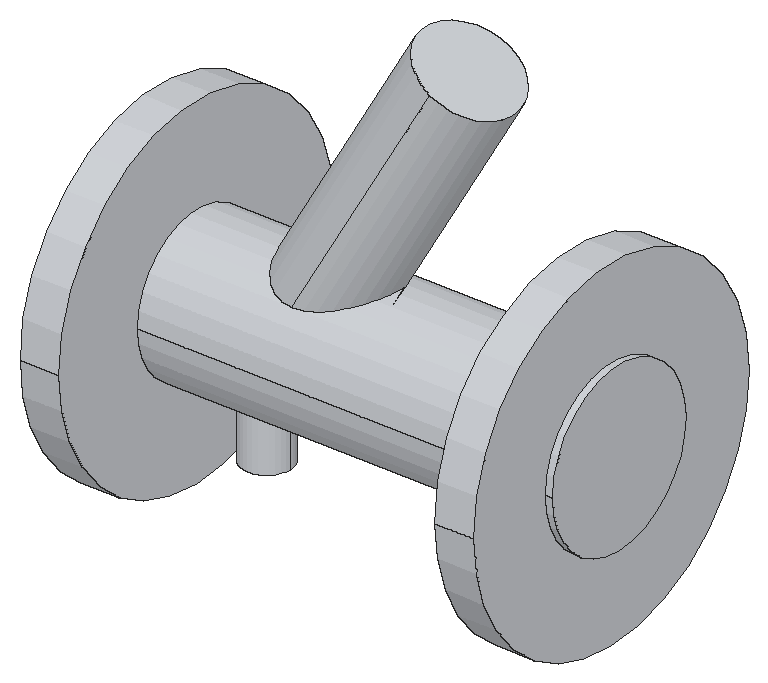
Revit family "HS 821-síto_standard-PN25-DN015-RFA_2019", category Pipe Accessories, Revit 2019
Family settings
  Round Connector Dimension = Use Diameter
  Part Type = Breaks Into
  Work Plane-Based = No
  Always vertical = Yes
  Cut with Voids When Loaded = No
  Shared = No
Parameters (values of type "821D-DN015-PN25-síto_standard")
  magiProductId = "27ddcbf555414f8ca1fde329bf9087"
  magiProductFamilyId = "79214ac3aaa945e397802f559f5c1e"
  magiPartTypeId = 307
  isMeasuringValve [instance] = no
  ang2D [instance] = 0.00°
  ZB__ve = -ZB  # -16.25 mm
  ZB1 = 18.63 mm
  ZB = 16.25 mm
  X2 = 46.982 mm
  X1 = 18.2 mm
  W2D = 15 mm
  VersionID = "2.0/2017.9.26.1/ZETKAMA_821_001"
  Use Minimum Symbol Size [instance] = yes
  URL = "www.hydronic.cz"
  Type Comments = "Filtr přírubový; síto standardní; A-PN16 (-10~300°C); D-PN25 (-10~350°C); F-PN40 (-10~400°C)"
  S = 46 mm
  QmdConnectorList = "301;D;302;D"
  Productdata [instance] = ""
  Manufacturer = "Hydronic Systems Prague s.r.o."
  MC Product Code = "200 215 (821D; DN015; PN25; kvs6,3; oko síta 1,00mm)"
  LM1 = 10.4 mm
  LM = 104 mm
  L4 = 32.5 mm
  L2D_Min = 3048 mm
  L2D = 130 mm
  L2 = 65 mm
  HH2 = 81.375 mm
  FD = 95 mm
  Description = "Filtr přírubový; síto standardní; 821A-PN16; 821D-PN25; 821F-PN40"
  DM1 = 27.6 mm
  DM = 41.4 mm
  D = 15 mm
  CC = 2.21 mm
  CAT0 = yes
  C1 = 10.79 mm
  C = 13 mm
  BD = 13.041 mm
Types (40, lengths in mm): name | magiProductId | ZB__ve | ZB1 | ZB | X2 | X1 | S | MC Product Code | LM1 | LM | L4 | L2 | HH2 | FD | DM1 | DM | D | CC | C1 | C | BD
  821A-DN015-PN16-síto_standard | "a71bcfe8b393460598b23e8ddf7dc5" | -16.25 | 18.63 | 16.25 | 46.982 | 18.2 | 46 | "200 115 (821A; DN015; PN16; kvs6,3; oko síta 1,00mm)" | 10.4 | 104 | 32.5 | 65 | 81.375 | 95 | 27.6 | 41.4 | 15 | 2.21 | 10.79 | 13 | 13.041
  821A-DN020-PN16-síto_standard | "41cd6c7a12924f4991217528336076" | -17.75 | 22.68 | 17.75 | 51.673 | 21 | 56 | "200 120 (821A; DN020; PN16; kvs11,2; oko síta 1,00mm)" | 12 | 120 | 37.5 | 75 | 89.5 | 105 | 33.6 | 50.4 | 20 | 2.55 | 12.45 | 15 | 15.876
  821A-DN025-PN16-síto_standard | "be378b463ed14c3abf4c9b3ae8cf3a" | -19.25 | 26.325 | 19.25 | 58.601 | 22.4 | 65 | "200 125 (821A; DN025; PN16; kvs14,7; oko síta 1,00mm)" | 12.8 | 128 | 40 | 80 | 101.5 | 115 | 43.2 | 58.5 | 25 | 2.72 | 13.28 | 16 | 18.427
  821A-DN032-PN16-síto_standard | "227a0d18b21540afabe8b6067d35fa" | -23 | 30.78 | 23 | 68.849 | 25.2 | 76 | "200 132 (821A; DN032; PN16; kvs23,7; oko síta 1,00mm)" | 14.4 | 144 | 45 | 90 | 119.25 | 140 | 50.4 | 68.4 | 32 | 3.06 | 14.94 | 18 | 21.546
  821A-DN040-PN16-síto_standard | "d106917c74724141a10440112d0102" | -24.5 | 34.02 | 24.5 | 75.777 | 28 | 84 | "200 140 (821A; DN040; PN16; kvs37,7; oko síta 1,00mm)" | 16 | 160 | 50 | 100 | 131.25 | 150 | 60 | 75.6 | 40 | 3.4 | 16.6 | 20 | 23.814
  821A-DN050-PN16-síto_standard | "8255d456a09e4f6486734f5dd9171b" | -26.75 | 40.095 | 26.75 | 79.061 | 32.2 | 99 | "200 150 (821A; DN050 PN16; kvs57,9; oko síta 1,00mm)" | 18.4 | 184 | 57.5 | 115 | 136.938 | 165 | 73.8 | 89.1 | 50 | 3.91 | 19.09 | 23 | 28.066
  821A-DN065-PN16-síto_standard | "235b1b3e4c0843779a4d5e3716d40a" | -29.75 | 47.79 | 29.75 | 86.927 | 40.6 | 118 | "200 165 (821A; DN065; PN16; kvs101,5; oko síta 1,25mm)" | 23.2 | 232 | 72.5 | 145 | 150.562 | 185 | 94.2 | 106.2 | 65 | 4.93 | 24.07 | 29 | 33.453
  821A-DN080-PN16-síto_standard | "a067f7c5236348ed8c820d16df7214" | -32 | 53.46 | 32 | 104.753 | 43.4 | 132 | "200 180 (821A; DN080; PN16; kvs147,4; oko síta 1,25mm)" | 24.8 | 248 | 77.5 | 155 | 181.438 | 200 | 107.4 | 118.8 | 80 | 5.27 | 25.73 | 31 | 37.422
  821A-DN100-PN16-síto_standard | "c49a648c2747461285837d643703cd" | -35 | 63.18 | 35 | 114.857 | 49 | 156 | "200 190 (821A; DN100; PN16; kvs209,6; oko síta 1,60mm)" | 28 | 280 | 87.5 | 175 | 198.937 | 220 | 131.4 | 140.4 | 100 | 5.95 | 29.05 | 35 | 44.226
  821A-DN125-PN16-síto_standard | "bf68e728a163493cbd2a663b26ebdc" | -39.5 | 74.52 | 39.5 | 131.888 | 56 | 184 | "200 191 (821A; DN125; PN16; kvs326,2; oko síta 1,60mm)" | 32 | 320 | 100 | 200 | 228.438 | 250 | 165 | 165.6 | 125 | 6.8 | 33.2 | 40 | 52.164
  821A-DN150-PN16-síto_standard | "2de770284b654863ae6bc865769dc5" | -44.75 | 85.455 | 44.75 | 155.885 | 67.2 | 211 | "200 192 (821A; DN150; PN16; kvs403; oko síta 1,60mm)" | 38.4 | 384 | 120 | 240 | 270 | 285 | 192 | 189.9 | 150 | 8.16 | 39.84 | 48 | 59.818
  821A-DN200-PN16-síto_standard | "8e5693371ab64aabb29a7f08c76e15" | -53 | 107.73 | 53 | 188.361 | 84 | 266 | "200 193 (821A; DN200; PN16; kvs707; oko síta 1,60mm)" | 48 | 480 | 150 | 300 | 326.25 | 340 | 252 | 239.4 | 200 | 10.2 | 49.8 | 60 | 75.411
  821A-DN250-PN16-síto_standard | "05e37ed948c34047acdd4c42556504" | -62.75 | 129.195 | 62.75 | 255.911 | 102.2 | 319 | "200 194 (821A; DN250; PN16; kvs1234; oko síta 1,60mm)" | 58.4 | 584 | 182.5 | 365 | 443.25 | 405 | 309.6 | 287.1 | 250 | 12.41 | 60.59 | 73 | 90.436
  821A-DN300-PN16-síto_standard | "9ad0af747269428da925480d83ce80" | -71 | 149.85 | 71 | 325.914 | 119 | 370 | "200 195 (821A; DN300; PN16; kvs1916; oko síta 1,60mm)" | 68 | 680 | 212.5 | 425 | 564.5 | 460 | 369.6 | 333 | 300 | 14.45 | 70.55 | 85 | 104.895
  821A-DN350-PN16-síto_standard | "eebc71459bb3451bb4355e7951370a" | -80 | 173.745 | 80 | 356.875 | 137.2 | 429 | "200 196 (821A; DN350; PN16; kvs2621; oko síta 1,60mm)" | 78.4 | 784 | 245 | 490 | 618.125 | 520 | 438 | 386.1 | 350 | 16.66 | 81.34 | 98 | 121.621
  821A-DN400-PN16-síto_standard | "d2f677cb196647e385b2590e7d8abe" | -89 | 194.4 | 89 | 392.237 | 154 | 480 | "200 197 (821A; DN400; PN16; kvs3460; oko síta 1,60mm)" | 88 | 880 | 275 | 550 | 679.375 | 580 | 498 | 432 | 400 | 18.7 | 91.3 | 110 | 136.08
  821D-DN015-PN25-síto_standard | "27ddcbf555414f8ca1fde329bf9087" | -16.25 | 18.63 | 16.25 | 46.982 | 18.2 | 46 | "200 215 (821D; DN015; PN25; kvs6,3; oko síta 1,00mm)" | 10.4 | 104 | 32.5 | 65 | 81.375 | 95 | 27.6 | 41.4 | 15 | 2.21 | 10.79 | 13 | 13.041
  821D-DN020-PN25-síto_standard | "270e0f14012f47189cd0235c18faee" | -17.75 | 22.68 | 17.75 | 51.673 | 21 | 56 | "200 220 (821D; DN020; PN25; kvs11,2; oko síta 1,00mm)" | 12 | 120 | 37.5 | 75 | 89.5 | 105 | 33.6 | 50.4 | 20 | 2.55 | 12.45 | 15 | 15.876
  821D-DN025-PN25-síto_standard | "b9a7fb4aa36643878c637d8e1ab992" | -19.25 | 26.325 | 19.25 | 58.601 | 22.4 | 65 | "200 225 (821D; DN025; PN25; kvs14,7; oko síta 1,00mm)" | 12.8 | 128 | 40 | 80 | 101.5 | 115 | 43.2 | 58.5 | 25 | 2.72 | 13.28 | 16 | 18.427
  821D-DN032-PN25-síto_standard | "6be9a55c4e68400f94eec7e804204c" | -23 | 30.78 | 23 | 68.849 | 25.2 | 76 | "200 232 (821D; DN032; PN25; kvs23,7; oko síta 1,00mm)" | 14.4 | 144 | 45 | 90 | 119.25 | 140 | 50.4 | 68.4 | 32 | 3.06 | 14.94 | 18 | 21.546
  821D-DN040-PN25-síto_standard | "c54511bd7f584ec2984291479612cb" | -24.5 | 34.02 | 24.5 | 75.777 | 28 | 84 | "200 240 (821D; DN040; PN25; kvs37,7; oko síta 1,00mm)" | 16 | 160 | 50 | 100 | 131.25 | 150 | 60 | 75.6 | 40 | 3.4 | 16.6 | 20 | 23.814
  821D-DN050-PN25-síto_standard | "5483b1f596b04cd39b23a14a22c90e" | -26.75 | 40.095 | 26.75 | 79.061 | 32.2 | 99 | "200 250 (821D; DN050; PN25; kvs57,9; oko síta 1,00mm)" | 18.4 | 184 | 57.5 | 115 | 136.938 | 165 | 73.8 | 89.1 | 50 | 3.91 | 19.09 | 23 | 28.066
  821D-DN065-PN25-síto_standard | "767b0f8318e94750bc7a9930ed5b30" | -29.75 | 47.79 | 29.75 | 86.927 | 40.6 | 118 | "200 265 (821D; DN065; PN25; kvs101,5; oko síta 1,25mm)" | 23.2 | 232 | 72.5 | 145 | 150.562 | 185 | 94.2 | 106.2 | 65 | 4.93 | 24.07 | 29 | 33.453
  821D-DN080-PN25-síto_standard | "e21040fa3cc2404b858198f6b73709" | -32 | 53.46 | 32 | 104.753 | 43.4 | 132 | "200 280 (821D; DN080; PN25; kvs147,4; oko síta 1,25mm)" | 24.8 | 248 | 77.5 | 155 | 181.438 | 200 | 107.4 | 118.8 | 80 | 5.27 | 25.73 | 31 | 37.422
  821D-DN100-PN25-síto_standard | "175ca87a506b40b3bc6b82f12f33cf" | -37.25 | 63.18 | 37.25 | 114.857 | 49 | 156 | "200 290 (821D; DN100; PN25; kvs209,6; oko síta 1,60mm)" | 28 | 280 | 87.5 | 175 | 198.937 | 235 | 131.4 | 140.4 | 100 | 5.95 | 29.05 | 35 | 44.226
  821D-DN125-PN25-síto_standard | "77cc98d60da24855999a22dff726b2" | -42.5 | 74.52 | 42.5 | 131.888 | 56 | 184 | "200 291 (821D; DN125; PN25; kvs326,2; oko síta 1,60mm)" | 32 | 320 | 100 | 200 | 228.438 | 270 | 165 | 165.6 | 125 | 6.8 | 33.2 | 40 | 52.164
  821D-DN150-PN25-síto_standard | "9cf8acfcd15547d68e83172d3abcbe" | -47 | 85.455 | 47 | 155.885 | 67.2 | 211 | "200 292 (821D; DN150; PN25; kvs403; oko síta 1,60mm)" | 38.4 | 384 | 120 | 240 | 270 | 300 | 192 | 189.9 | 150 | 8.16 | 39.84 | 48 | 59.818
  821D-DN200-PN25-síto_standard | "16973f3c9ea14389ba8602495a6b64" | -56 | 110.97 | 56 | 188.361 | 84 | 274 | "200 293 (821D; DN200; PN25; kvs707; oko síta 1,60mm)" | 48 | 480 | 150 | 300 | 326.25 | 360 | 252 | 246.6 | 200 | 10.2 | 49.8 | 60 | 77.679
  821F-DN015-PN40-síto_standard | "4c7eaf3c4c0340888b3e684d8a8616" | -16.25 | 18.225 | 16.25 | 46.982 | 18.2 | 45 | "240 615 (821F; DN015; PN40; kvs6,3; oko síta 1,00mm)" | 10.4 | 104 | 32.5 | 65 | 81.375 | 95 | 27.6 | 40.5 | 15 | 2.21 | 10.79 | 13 | 12.757
  821F-DN020-PN40-síto_standard | "aaac5f1ec96b44d6ba96ac2293d66d" | -17.75 | 23.49 | 17.75 | 51.673 | 21 | 58 | "240 620 (821F; DN020; PN40; kvs11,2; oko síta 1,00mm)" | 12 | 120 | 37.5 | 75 | 89.5 | 105 | 33.6 | 52.2 | 20 | 2.55 | 12.45 | 15 | 16.443
  821F-DN025-PN40-síto_standard | "504768023968471481789485b54c7e" | -19.25 | 27.54 | 19.25 | 58.601 | 22.4 | 68 | "240 625 (821F; DN025; PN40; kvs14,7; oko síta 1,00mm)" | 12.8 | 128 | 40 | 80 | 101.5 | 115 | 43.2 | 61.2 | 25 | 2.72 | 13.28 | 16 | 19.278
  821F-DN032-PN40-síto_standard | "165e7f39cf744f329bdf1c400dad12" | -23 | 31.59 | 23 | 68.849 | 25.2 | 78 | "240 632 (821F; DN032; PN40; kvs23,7; oko síta 1,00mm)" | 14.4 | 144 | 45 | 90 | 119.25 | 140 | 50.4 | 70.2 | 32 | 3.06 | 14.94 | 18 | 22.113
  821F-DN040-PN40-síto_standard | "b8903f952089408fbf3a5a632bab1f" | -24.5 | 35.64 | 24.5 | 75.777 | 28 | 88 | "240 640 (821F; DN040; PN40; kvs37,7; oko síta 1,00mm)" | 16 | 160 | 50 | 100 | 131.25 | 150 | 60 | 79.2 | 40 | 3.4 | 16.6 | 20 | 24.948
  821F-DN050-PN40-síto_standard | "c451f97266fe48da8f879cb6a2bd44" | -26.75 | 41.31 | 26.75 | 79.061 | 32.2 | 102 | "240 650 (821F; DN050; PN40; kvs57,9; oko síta 1,00mm)" | 18.4 | 184 | 57.5 | 115 | 136.938 | 165 | 73.8 | 91.8 | 50 | 3.91 | 19.09 | 23 | 28.917
  821F-DN065-PN40-síto_standard | "dc9821e3f9b34e128f6a8c6b34c198" | -29.75 | 49.41 | 29.75 | 86.927 | 40.6 | 122 | "240 665 (821F; DN065; PN40; kvs101,5; oko síta 1,25mm)" | 23.2 | 232 | 72.5 | 145 | 150.562 | 185 | 94.2 | 109.8 | 65 | 4.93 | 24.07 | 29 | 34.587
  821F-DN080-PN40-síto_standard | "689aa1e260f84cf4994f027a1d86b5" | -32 | 55.89 | 32 | 104.753 | 43.4 | 138 | "240 680 (821F; DN080; PN40; kvs147,4; oko síta 1,25mm)" | 24.8 | 248 | 77.5 | 155 | 181.438 | 200 | 107.4 | 124.2 | 80 | 5.27 | 25.73 | 31 | 39.123
  821F-DN100-PN40-síto_standard | "8a45d4e8e2ab425f8c432f21d684f3" | -37.25 | 65.61 | 37.25 | 114.857 | 49 | 162 | "240 690 (821F; DN100; PN40; kvs209,6; oko síta 1,6mm)" | 28 | 280 | 87.5 | 175 | 198.937 | 235 | 131.4 | 145.8 | 100 | 5.95 | 29.05 | 35 | 45.927
  821F-DN125-PN40-síto_standard | "cf073904c006406b8645afa67ea2fc" | -42.5 | 76.14 | 42.5 | 131.888 | 56 | 188 | "240 691 (821F; DN125; PN40; kvs326,2; oko síta 1,6mm)" | 32 | 320 | 100 | 200 | 228.438 | 270 | 165 | 169.2 | 125 | 6.8 | 33.2 | 40 | 53.298
  821F-DN150-PN40-síto_standard | "0153b9ddabe14992a630484929fdbc" | -47 | 88.29 | 47 | 155.885 | 67.2 | 218 | "240 692 (821F; DN150; PN40; kvs403; oko síta 1,6mm)" | 38.4 | 384 | 120 | 240 | 270 | 300 | 192 | 196.2 | 150 | 8.16 | 39.84 | 48 | 61.803
  821F-DN200-PN40-síto_standard | "7fb3fc01dd8d42428c203e3f8dd4d5" | -56 | 115.425 | 56 | 188.361 | 84 | 285 | "240 693 (821F; DN200; PN40; kvs707; oko síta 1,6mm)" | 48 | 480 | 150 | 300 | 326.25 | 360 | 252 | 256.5 | 200 | 10.2 | 49.8 | 60 | 80.797
Reference planes
  plane 1 "Center (Front/Back)": y = 0
  plane 2 "XYPLANE": z = 0
  plane 3 "Center (Left/Right)": x = 0
  plane 4 "109": x = -41.6
  plane 5 "108": x = 52
  plane 6 "107": x = -52
  plane 7 "105": x = 65
  plane 8 "104": x = -65
  plane 9 "103": y = 0
  plane 10 "102": z = 0
  plane 11 "101": x = -62.79
  plane 12 "100": x = 62.79
  plane 13 "11": x = -23.4
  plane 14 "10": z = 81.375
  plane 15 "9": x = 23.582
  plane 16 "5": z = -18.63
  plane 17 "4": x = -32.5
  plane 18 "1": x = 32.5
Forms (mm)
  Extrusion 1, solid, visible <- "CAT0"
    sketch origin (-52, -750, 0) x (0, 1, 0) y (0, 0, 1)
      loop
        circle (750, 0) r 20.7
    from 0 to 104 <- "LM"
  Extrusion 2, solid
    sketch origin (-65, -750, 0) x (0, 1, 0) y (0, 0, 1)
      loop
        circle (750, 0) r 23
    from 0 to 2.21 <- "CC"
  Extrusion 3, solid
    sketch origin (-62.79, -750, 0) x (0, 1, 0) y (0, 0, 1)
      loop
        circle (750, 0) r 47.5
    from 0 to 10.79 <- "C1"
  Extrusion 4, solid
    sketch origin (52, -750, 0) x (0, 1, 0) y (0, 0, 1)
      loop
        circle (750, 0) r 47.5
    from 0 to 10.79 <- "C1"
  Extrusion 5, solid
    sketch origin (62.79, -750, 0) x (0, 1, 0) y (0, 0, 1)
      loop
        circle (750, 0) r 23
    from 0 to 2.21 <- "CC"
  Sweep 6, solid, visible <- "CAT0"
    path origin (750, 0, 0) x (-1, 0, 0) y (0, 0, 1)
      loop
        line (802, 0) -> (773.4, 0) -> (726.418, 81.375)
    profile origin (-52, 0, 0) x (0, 0, -1) y (0, 1, 0)
      loop
        circle (0, 0) r 13.8
  Extrusion 7, solid, visible <- "CAT0"
    sketch origin (-750, 0, -18.63) x (1, 0, 0) y (0, 1, 0)
      loop
        circle (717.5, 0) r 6.52
    from 0 to -16.25 <- "ZB__ve"
  Extrusion 8, solid, visible <- "CAT0"
    sketch origin (-750, 0, -18.63) x (1, 0, 0) y (0, 1, 0)
      loop
        circle (782.5, 0) r 6.52
    from 0 to -16.25 <- "ZB__ve"
  Extrusion 9, solid, not visible
    sketch origin (65, -750, 0) x (0, 1, 0) y (0, 0, 1)
      loop
        circle (750, 0) r 10
    from 0 to -10
  Extrusion 10, solid, not visible
    sketch origin (-65, -750, 0) x (0, 1, 0) y (0, 0, 1)
      loop
        circle (750, 0) r 10
    from 0 to 10
Lines and regions (mm)
  reference lines, not visible
    curve 1: circle (2, 2, 0) r 1 normal (0, 0, 1)
Dimensions and locks
  plane 1 "Center (Front/Back)" to curve 1 = 2 mm
  "LM1": plane 6 "107" to plane 4 "109"
  "LM": plane 6 "107" to plane 5 "108"
  "C": plane 8 "104" to plane 6 "107"
  "L2": plane 3 "Center (Left/Right)" to plane 7 "105"
  "L2": plane 3 "Center (Left/Right)" to plane 8 "104"
  locked: plane 1 "Center (Front/Back)" to plane 9 "103"
  locked: plane 2 "XYPLANE" to plane 10 "102"
  "CC": plane 8 "104" to plane 11 "101"
  "C1": plane 5 "108" to plane 12 "100"
  "X1": plane 4 "109" to plane 13 "11"
  "HH2": plane 2 "XYPLANE" to plane 14 "10"
  "X2": plane 13 "11" to plane 15 "9"
  "ZB1": plane 2 "XYPLANE" to plane 16 "5"
  "L4": plane 8 "104" to plane 17 "4"
  "L2": plane 17 "4" to plane 18 "1"
  Sweep 6 sketch curve to Sweep 6 sketch curve = 0 mm  (x2)
  "DM": diameter of Extrusion 1 sketch curve
  "S": diameter of Extrusion 2 sketch curve
  "FD": diameter of Extrusion 3 sketch curve
  "FD": diameter of Extrusion 4 sketch curve
  "S": diameter of Extrusion 5 sketch curve
  "DM1": diameter of Sweep 6 sketch curve
  "BD": diameter of Extrusion 7 sketch curve
  "BD": diameter of Extrusion 8 sketch curve
  aligned and locked: level to plane 2 "XYPLANE"
  aligned and locked: Extrusion 1 sketch curve to plane 9 "103"
  aligned and locked: plane 10 "102" to Extrusion 1 sketch curve
  aligned and locked: Extrusion 2 sketch curve to plane 9 "103"
  aligned and locked: plane 10 "102" to Extrusion 2 sketch curve
  aligned and locked: Extrusion 3 sketch curve to plane 9 "103"
  aligned and locked: plane 10 "102" to Extrusion 3 sketch curve
  aligned and locked: Extrusion 4 sketch curve to plane 9 "103"
  aligned and locked: plane 10 "102" to Extrusion 4 sketch curve
  aligned and locked: Extrusion 5 sketch curve to plane 9 "103"
  aligned and locked: plane 10 "102" to Extrusion 5 sketch curve
  aligned and locked: Sweep 6 sketch curve to plane 9 "103"
  aligned and locked: plane 10 "102" to Sweep 6 sketch curve  (x3)
  aligned and locked: plane 6 "107" to Sweep 6 sketch curve
  aligned and locked: plane 13 "11" to Sweep 6 sketch curve
  aligned and locked: plane 14 "10" to Sweep 6 sketch curve
  aligned and locked: plane 15 "9" to Sweep 6 sketch curve
  aligned and locked: plane 9 "103" to Extrusion 7 sketch curve
  aligned and locked: plane 17 "4" to Extrusion 7 sketch curve
  aligned and locked: plane 9 "103" to Extrusion 8 sketch curve
  aligned and locked: plane 18 "1" to Extrusion 8 sketch curve
  aligned and locked: Extrusion 9 sketch curve to plane 9 "103"
  aligned and locked: plane 10 "102" to Extrusion 9 sketch curve
  aligned and locked: Extrusion 10 sketch curve to plane 9 "103"
  aligned and locked: plane 10 "102" to Extrusion 10 sketch curve
Automatic sketch dimensions
  plane 1 "Center (Front/Back)" to Extrusion 9 sketch curve = 10 mm
  plane 1 "Center (Front/Back)" to Extrusion 10 sketch curve = 10 mm
  plane 3 "Center (Left/Right)" to curve 1 = 2 mm
  radius of curve 1 = 1 mm
Connectors
  piping at (-65, 0, 0), diameter 15, driven by "D"
    settings: on Extrusion 10, index 1, connector inside diameter 609.6 mm, connector length 0 mm, flow factor 0, pipe flow 0.0 L/s, pressure drop 0.0 Pa, fitting loss kfactor 0, connector angle 0.00°, fixture units 0, engagement length 0 mm, angle of deflection 0.00°, flow configuration 0, flow direction 0, fitting loss method 0, system type 29, joint type 0, gender type 0, connector reference index 2, connector utility 0, adjustable connector no, is connector primary yes, connector description ""
  piping at (65, 0, 0), diameter 15, driven by "D"
    settings: on Extrusion 9, index 2, connector inside diameter 609.6 mm, connector length 0 mm, flow factor 0, pipe flow 0.0 L/s, pressure drop 0.0 Pa, fitting loss kfactor 0, connector angle 0.00°, fixture units 0, engagement length 0 mm, angle of deflection 0.00°, flow configuration 0, flow direction 0, fitting loss method 0, system type 29, joint type 0, gender type 0, connector reference index 1, connector utility 0, adjustable connector no, is connector primary no, connector description ""
